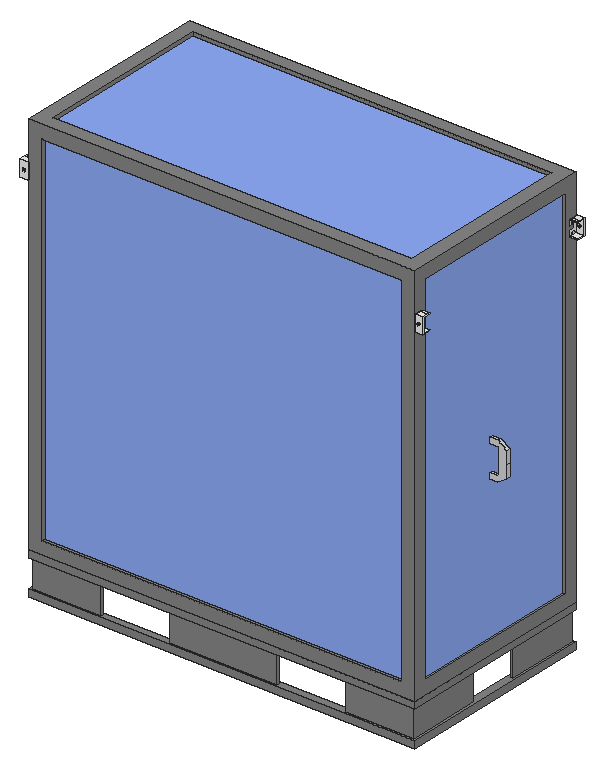
Revit family "14 .Секция смешения ANR S1", category Оборудование, Revit 2016
Family settings
  Тип детали = Нормальный
  Размер круглого соединителя = Использовать диаметр
  На основе рабочей плоскости = Нет
  Всегда вертикально = Да
  При загрузке вырезать с полостями = Нет
  Общий = Нет
  Точка расчета площади = Нет
Parameters (values of type "ANR 6 S1")
  Ширина = А - 75 mm  # 1025 mm
  Синий = Синий
  Середина = h + Б1 / 2  # 670 mm
  Д1 = Д - 20 mm  # 555 mm
  Д = 575 mm
  ножки(да/нет) [instance] = no
  Высота = Б - 75 mm  # 1025 mm
  Б1 = Б - 20 mm  # 1080 mm
  А1 = А - 20 mm  # 1080 mm
  А = 1100 mm
  высота ножек = 120 mm
  Б = 1100 mm
  Частотный преобразователь [instance] = no
  Частота вращения n, об/мин = ""
  Тип, марка, обозначение = "ANR 6 S1"
  Сила тока J, А = ""
  Регулятор расхода [instance] = no
  Раздел = "ОВ"
  Примечание = ""
  Позиция = ""
  Напряжение U,В = ""
  Наименование и тех.хар-ка = "Секция смешения"  # constant formula
  Мощность двигателя N,Вт = ""
  Материал = Сталь серая
  Масса единицы = ""
  Код, оборудования = ""
  Ключевая пометка = "Вентиляция"
  Задание электрикам [instance] = no
  Задание автоматчикам [instance] = no
  Завод изготовитель = "KORF"  # constant formula
  Единица измерения = "шт."  # constant formula
  h = высота ножек + 10 mm  # 130 mm
Types (10, lengths in mm): name | Ширина | Середина | Д1 | Д | Высота | Б1 | А1 | А | Б | Тип, марка, обозначение
  ANR 6 S1 | 1025 | 670 | 555 | 575 | 1025 | 1080 | 1080 | 1100 | 1100 | "ANR 6 S1"
  ANR 7 S1 | 1025 | 780 | 555 | 575 | 1245 | 1300 | 1080 | 1100 | 1320 | "ANR 7 S1"
  ANR 8 S1 | 1245 | 780 | 555 | 575 | 1245 | 1300 | 1300 | 1320 | 1320 | "ANR 8 S1"
  ANR 12 S1 | 1360 | 837.5 | 1080 | 1100 | 1360 | 1415 | 1415 | 1435 | 1435 | "ANR 12 S1"
  ANR 20 S1 | 1585 | 950 | 1080 | 1100 | 1585 | 1640 | 1640 | 1660 | 1660 | "ANR 20 S1"
  ANR 25 S1 | 1970 | 1142.5 | 1080 | 1100 | 1970 | 2025 | 2025 | 2045 | 2045 | "ANR 25 S1"
  ANR 30 S1 | 2410 | 1142.5 | 1080 | 1100 | 1970 | 2025 | 2465 | 2485 | 2045 | "ANR 30 S1"
  ANR 35 S1 | 2410 | 1362.5 | 1605 | 1625 | 2410 | 2465 | 2465 | 2485 | 2485 | "ANR 35 S1"
  ANR 40 S1 | 3245 | 1840 | 1605 | 1625 | 3365 | 3420 | 3300 | 3320 | 3440 | "ANR 40 S1"
  ANR 45 S1 | 3245 | 2225 | 1605 | 1625 | 4135 | 4190 | 3300 | 3320 | 4210 | "ANR 45 S1"
Reference planes
  plane 1 "По центру (Вперед/Назад)": y = 0
  plane 2: z = 0
  plane 3 "По центру (Влево/Вправо)": x = 0
  plane 4: x = -540
  plane 5: x = 540
  plane 6: y = 277.5
  plane 7: y = -277.5
  plane 8: z = 1210
  plane 9: z = 130
  plane 10: y = -70.418
  plane 11: z = 670
  plane 12: z = 1110
  plane 13: x = 574.5
  plane 14: x = 590
  plane 15: x = 724
  plane 16: y = 70.418
Forms (mm)
  Extrusion 1, solid, material "Синий" <- "Синий", detail levels fine
    sketch origin (0, 0, 50) x (1, 0, 0) y (0, 1, 0)
      loop
        line (-540, 277.5) -> (-540, -277.5) -> (540, -277.5) -> (540, 277.5) -> (-540, 277.5)
    from 80 to 1160
  Sweep 2, solid, material "Сталь серая" <- "Материал", detail levels fine
    path origin (540, -277.5, 50) x (-1, 0, 0) y (0, 0, -1)
      loop
        line (0, -1160) -> (1080, -1160) -> (1080, -80) -> (0, -80) -> (0, -1160)
    profile "Профиль уголок 10х10 : Профиль уголок 10х10" origin (0, -277.5, 1210) x (0, 0, -1) y (0, -1, 0)
      loop
        line (0, -27.5) -> (0, 0) -> (27.5, 0) -> (27.5, 10) -> (-10, 10) -> (-10, -27.5) -> (0, -27.5)
  Sweep 3, solid, material "Сталь серая" <- "Материал", detail levels fine
    path origin (-540, 277.5, 50) x (1, 0, 0) y (0, 0, -1)
      loop
        line (0, -1160) -> (1080, -1160) -> (1080, -80) -> (0, -80) -> (0, -1160)
    profile "Профиль уголок 10х10 : Профиль уголок 10х10" origin (0, 277.5, 1210) x (0, 0, -1) y (0, 1, 0)
      loop
        line (0, -27.5) -> (0, 0) -> (27.5, 0) -> (27.5, 10) -> (-10, 10) -> (-10, -27.5) -> (0, -27.5)
  Sweep 4, solid, material "Сталь серая" <- "Материал", detail levels fine
    path origin (540, 277.5, 50) x (0, -1, 0) y (0, 0, -1)
      loop
        line (0, -1160) -> (555, -1160) -> (555, -80) -> (0, -80) -> (0, -1160)
    profile "Профиль уголок 10х10 : Профиль уголок 10х10" origin (540, 0, 1210) x (0, 0, -1) y (1, 0, 0)
      loop
        line (0, -27.5) -> (0, 0) -> (27.5, 0) -> (27.5, 10) -> (-10, 10) -> (-10, -27.5) -> (0, -27.5)
  Sweep 5, solid, material "Сталь серая" <- "Материал", detail levels fine
    path origin (-540, -277.5, 50) x (0, 1, 0) y (0, 0, -1)
      loop
        line (0, -1160) -> (555, -1160) -> (555, -80) -> (0, -80) -> (0, -1160)
    profile "Профиль уголок 10х10 : Профиль уголок 10х10" origin (-540, 0, 1210) x (0, 0, -1) y (-1, 0, 0)
      loop
        line (0, -27.5) -> (0, 0) -> (27.5, 0) -> (27.5, 10) -> (-10, 10) -> (-10, -27.5) -> (0, -27.5)
  Extrusion 6, void, not visible
    sketch origin (-345, -245, 50) x (0, -1, 0) y (0, 0, -1)
      loop
        line (-477.965, -475) -> (-477.965, -450) -> (-528.913, -450) -> (-528.913, -475) -> (-477.965, -475)
    from -47.452 to 12
  Sweep 7, solid, material "Сталь серая" <- "Материал", detail levels fine
    path origin (0, 0, 0) x (1, 0, 0) y (0, 1, 0)
      loop
        line (-540, 277.5) -> (-540, -277.5) -> (540, -277.5) -> (540, 277.5) -> (-540, 277.5)
    profile "Семейство1 : Семейство1" origin (0, 277.5, 0) x (0, 1, 0) y (0, 0, 1)
      loop
        line (-10, 120) -> (-10, 100) -> (-3.38, 100) -> (-3.38, 20) -> (-10, 20) -> (-10, 0) -> (10, 0) -> (10, 20) -> (3.38, 20) -> (3.38, 100) -> (10, 100) -> (10, 120) -> (-10, 120)
  Extrusion 8, void
    sketch origin (0, 0, 0) x (1, 0, 0) y (0, 0, 1)
      loop
        line (152.369, 100) -> (152.369, 20) -> (348.798, 20) -> (348.798, 100) -> (152.369, 100)
      loop
        line (-152.369, 100) -> (-348.798, 100) -> (-348.798, 20) -> (-152.369, 20) -> (-152.369, 100)
    from -287.5 to 287.5
  Extrusion 9, void
    sketch origin (0, 0, 0) x (0, 1, 0) y (0, 0, 1)
      loop
        line (-70.418, 100) -> (-70.418, 20) -> (70.418, 20) -> (70.418, 100) -> (-70.418, 100)
    from -550 to 1700
Cuts and joins
  joined: Sweep 2, Sweep 3, Sweep 4, Sweep 5
  Extrusion 8, Extrusion 9 cuts Sweep 7
Lines and regions (mm)
  model lines, detail levels coarse
    curve 1: line (-550, 287.5, 0) -> (550, 287.5, 0)
    curve 2: line (-550, -287.5, 0) -> (-550, 287.5, 0)
    curve 3: line (550, -287.5, 0) -> (-550, -287.5, 0)
    curve 4: line (550, 287.5, 0) -> (550, -287.5, 0)
  model lines, detail levels medium
    curve 5: line (0, 287.5, 1220) -> (0, -287.5, 1220)
    curve 6: line (0, 287.5, 130) -> (0, 287.5, 1220)
    curve 7: line (0, -287.5, 130) -> (0, 287.5, 130)
    curve 8: line (0, -287.5, 1220) -> (0, -287.5, 130)
Dimensions and locks
  equal spacing: plane 6, plane 1 "По центру (Вперед/Назад)", plane 7
  "Д1": plane 6 to plane 7
  equal spacing: plane 4, plane 3 "По центру (Влево/Вправо)", plane 5
  "А1": plane 4 to plane 5
  "h": plane 9 to level
  "Б1": plane 8 to plane 9
  cut or joined group of Sweep 2, Sweep 3, Sweep 4, Sweep 5 to level = 120 mm
  locked: plane 3 "По центру (Влево/Вправо)" to cut or joined group of Sweep 7, Extrusion 8, Extrusion 9 at 152.369
  locked: cut or joined group of Sweep 7, Extrusion 8, Extrusion 9 to plane 3 "По центру (Влево/Вправо)" at 152.369
  "Середина": plane 11 to level
  locked: plane 8 to plane 12 at 100
  locked: plane 14 to plane 5 at 50
  plane 1 "По центру (Вперед/Назад)" to plane 7 = 277.5 mm
  plane 6 to plane 1 "По центру (Вперед/Назад)" = 277.5 mm
  locked: plane 15 to plane 5 at 184
  equal spacing: plane 10, plane 1 "По центру (Вперед/Назад)", plane 16, locked at 70.418 each
  aligned and locked: level to plane 2
  aligned and locked: plane 6 to Extrusion 1
  aligned and locked: plane 5 to Extrusion 1
  aligned and locked: Extrusion 1 to plane 7
  aligned and locked: Extrusion 1 to plane 4
  aligned and locked: plane 8 to Extrusion 1
  aligned and locked: Extrusion 1 to plane 9
  aligned and locked: Sweep 4 sketch curve to Extrusion 1  (x2)
  aligned and locked: Sweep 5 sketch curve to Extrusion 1  (x2)
  aligned and locked: Sweep 7 sketch curve to Extrusion 1  (x4)
  aligned and locked: Sweep 7 to Extrusion 8  (x2)
  aligned and locked: cut or joined group of Sweep 2, Sweep 3, Sweep 4, Sweep 5 to Extrusion 9
  aligned and locked: nested 3 to cut or joined group of Sweep 2, Sweep 3, Sweep 4, Sweep 5  (x2)
  aligned and locked: plane 12 to nested 3
  aligned and locked: nested 4 to plane 12
  aligned and locked: cut or joined group of Sweep 2, Sweep 3, Sweep 4, Sweep 5 to nested 4  (x2)
  aligned and locked: cut or joined group of Sweep 2, Sweep 3, Sweep 4, Sweep 5 to nested 3
  aligned and locked: cut or joined group of Sweep 2, Sweep 3, Sweep 4, Sweep 5 to nested 6
  aligned and locked: nested 5 to cut or joined group of Sweep 2, Sweep 3, Sweep 4, Sweep 5
  aligned and locked: plane 12 to nested 6
  aligned and locked: nested 5 to plane 12
  aligned and locked: nested 2 to plane 14
  aligned and locked: nested 6 to cut or joined group of Sweep 2, Sweep 3, Sweep 4, Sweep 5
  aligned and locked: cut or joined group of Sweep 2, Sweep 3, Sweep 4, Sweep 5 to nested 5
  aligned and locked: plane 1 "По центру (Вперед/Назад)" to nested 2
  aligned and locked: plane 10 to Extrusion 9 sketch curve
  aligned and locked: plane 16 to Extrusion 9 sketch curve
  aligned and locked: nested 2 to plane 11
  aligned and locked: curve 1 to cut or joined group of Sweep 2, Sweep 3, Sweep 4, Sweep 5
  aligned and locked: curve 2 to cut or joined group of Sweep 2, Sweep 3, Sweep 4, Sweep 5
  aligned and locked: curve 3 to cut or joined group of Sweep 2, Sweep 3, Sweep 4, Sweep 5
  aligned and locked: curve 4 to cut or joined group of Sweep 2, Sweep 3, Sweep 4, Sweep 5
  aligned and locked: curve 5 to cut or joined group of Sweep 2, Sweep 3, Sweep 4, Sweep 5
  aligned and locked: cut or joined group of Sweep 2, Sweep 3, Sweep 4, Sweep 5 to curve 6
  aligned and locked: curve 7 to plane 9
  aligned and locked: curve 8 to cut or joined group of Sweep 2, Sweep 3, Sweep 4, Sweep 5
Automatic sketch dimensions
  Extrusion 6 sketch curve to Extrusion 6 sketch curve = 50.949 mm
  Extrusion 6 sketch curve to Extrusion 6 sketch curve = 25 mm
  Extrusion 1 sketch curve to plane 4 = 0 mm
  Extrusion 1 sketch curve to plane 5 = 0 mm
  Extrusion 1 sketch curve to plane 7 = 0 mm
  Extrusion 1 sketch curve to plane 6 = 0 mm
  Sweep 2 sketch curve to Extrusion 1 = 0 mm  (x4)
  Sweep 3 sketch curve to Extrusion 1 = 0 mm  (x3)
  Extrusion 1 to Sweep 3 sketch curve = 0 mm
  Sweep 4 sketch curve to Extrusion 1 = 0 mm  (x2)
  Sweep 5 sketch curve to Extrusion 1 = 0 mm  (x2)
  Extrusion 8 sketch curve to plane 9 = 30 mm  (x2)
  plane 4 to Extrusion 8 sketch curve = 191.202 mm
  level to Extrusion 8 sketch curve = 20 mm  (x2)
  Extrusion 8 sketch curve to plane 3 "По центру (Влево/Вправо)" = 152.369 mm
  plane 3 "По центру (Влево/Вправо)" to Extrusion 8 sketch curve = 152.369 mm
  Extrusion 8 sketch curve to plane 5 = 191.202 mm
  level to Extrusion 9 sketch curve = 20 mm
  Extrusion 9 sketch curve to plane 9 = 30 mm
Nested families
  nested 1: "крепление 15мм" at (-330, 229.965, 495), type "крепление 15мм", not visible
  nested 2: "Ручка" at (552.018, -10, 621.108), type "Ручка", detail levels fine
  nested 3: "крепеж" at (574.5, -287.5, 1065.175) x (-1, 0, 0) z (0, 0, 1), type "крепеж", detail levels fine
  nested 4: "крепеж" at (574.5, 287.5, 1065.175) x (-1, 0, 0) z (0, 0, 1), type "крепеж", detail levels fine
  nested 5: "крепеж" at (-574.5, -287.5, 1065.175), type "крепеж", detail levels fine
  nested 6: "крепеж" at (-574.5, 287.5, 1065.175), type "крепеж", detail levels fine
Connectors
  hvac at (0, -287.5, 670), driven by "Высота", driven by "Ширина"
    settings: on cut or joined group of Sweep 2, Sweep 3, Sweep 4, Sweep 5, index 1, duct flow 0.0 L/s, flow factor 0, pres drop 0.0 Pa, loss coef 0, conn angle 0.00°, conn width 1025 mm, conn height 1025 mm, conn diameter 609.6 mm, duct sys type 28, conn prof type 1, flow config 0, flow direction 0, loss method 0, conn ref index -1, conn util no, is conn primary yes, conn desc ""
  hvac at (0, 287.5, 670), driven by "Высота", driven by "Ширина"
    settings: on cut or joined group of Sweep 2, Sweep 3, Sweep 4, Sweep 5, index 2, duct flow 0.0 L/s, flow factor 0, pres drop 0.0 Pa, loss coef 0, conn angle 0.00°, conn width 1025 mm, conn height 1025 mm, conn diameter 609.6 mm, duct sys type 28, conn prof type 1, flow config 0, flow direction 0, loss method 0, conn ref index -1, conn util no, is conn primary no, conn desc ""
Definition of nested family "крепление 15мм"
  Parameters (values of type "крепление 15мм")
    Материал крепления = none
  Reference planes
    plane 1 "По центру (Вперед/Назад)": y = 0
    plane 2: z = 0
    plane 3 "По центру (Влево/Вправо)": x = 0
  Forms (mm)
    Extrusion 1, solid, material <- "Материал крепления"
      sketch origin (0, 0, 0) x (1, 0, 0) y (0, 1, 0)
        loop
          line (-25, 0) -> (0, 0) -> (0, 18.31) -> (0, 25) -> (-3, 25) -> (-3, 3) -> (-25, 3) -> (-25, 0)
      from 0 to 30
    Extrusion 2, void
      sketch origin (0, 0, 0) x (1, 0, 0) y (0, 1, 0)
        loop
          line (-3, 3) -> (-3, 54.96) -> (-58, 54.96) -> (-58, 3) -> (-3, 3)
      from 0 to 15
  Cuts and joins
    Extrusion 2 cuts Extrusion 1
  Dimensions and locks
    Extrusion 1 sketch curve to Extrusion 1 sketch curve = 3 mm  (x2)
    Extrusion 1 sketch curve to Extrusion 1 sketch curve to plane 3 "По центру (Влево/Вправо)" = 25 mm, 0 mm
    Extrusion 1 sketch curve to Extrusion 1 sketch curve = 25 mm
    aligned and locked: level to plane 2
Definition of nested family "Ручка"
  Parameters (values of type "Ручка")
    материал ручки = none
  Reference planes
    plane 1 "По центру (Вперед/Назад)": y = 0
    plane 2: z = 0
    plane 3 "По центру (Влево/Вправо)": x = 0
    plane 4: x = -37.982
    plane 5: x = 37.982
  Forms (mm)
    Extrusion 1, solid, material <- "материал ручки", not visible
      sketch origin (-3.982, 0, -4.834) x (0, 0, 1) y (-1, 0, 0)
        loop
          line (-52.874, -42.815) -> (53.726, -42.815) -> (53.726, 8.783) -> (36.069, 34) -> (1.069, 34) -> (-36.069, 34) -> (-52.874, 10) -> (-52.874, -42.815)
      from 0 to 10
    Extrusion 2, void, not visible
      sketch origin (-3.982, 0, -4.834) x (0, 0, 1) y (-1, 0, 0)
        loop
          line (-37.219, -42.815) -> (37.781, -42.815) -> (37.781, 20.04) -> (-37.219, 20.04) -> (-37.219, -42.815)
      from 0 to 50
    Extrusion 3, solid, material <- "материал ручки"
      sketch origin (3.982, 0, -4.834) x (0, 0, 1) y (-1, 0, 0)
        loop
          line (-52.874, 42.815) -> (-52.874, -10) -> (-36.069, -34) -> (1.069, -34) -> (36.069, -34) -> (53.726, -8.783) -> (53.726, 42.815) -> (-52.874, 42.815)
      from 0 to 10
    Extrusion 4, void
      sketch origin (3.982, 0, -4.834) x (0, 0, 1) y (-1, 0, 0)
        loop
          line (-37.219, 42.815) -> (-37.219, -11.018) -> (37.781, -11.018) -> (37.781, 42.815) -> (-37.219, 42.815)
      from 0 to 50
  Cuts and joins
    Extrusion 4 cuts Extrusion 3
  Dimensions and locks
    aligned and locked: level to plane 2
Definition of nested family "крепеж"
  Parameters (values of type "крепеж")
    Материал крепежа = none
  Reference planes
    plane 1 "По центру (Вперед/Назад)": y = 0
    plane 2: z = 0
    plane 3 "По центру (Влево/Вправо)": x = 0
    plane 4: x = 24.5
    plane 5: z = 22.413
  Forms (mm)
    Extrusion 1, solid, material <- "Материал крепежа"
      sketch origin (0, 0, 0) x (0, 1, 0) y (0, 0, 1)
        loop
          line (0, 44.825) -> (-16.343, 44.825) -> (-24.468, 44.825) -> (-24.468, 42.95) -> (-1.968, 42.95) -> (-1.968, 1.657) -> (-24.468, 1.657) -> (-24.468, 0) -> (-16.343, 0) -> (0, 0) -> (0, 44.825)
      from 0 to 24.5
    Extrusion 2, void
      sketch origin (0.625, 0, -0.625) x (1, 0, 0) y (0, 0, 1)
        loop
          circle (11.121, 22.873) r 5
      from 0 to 250
    Extrusion 3, solid, material <- "Материал крепежа"
      sketch origin (0, 0, 0.175) x (1, 0, 0) y (0, 0, 1)
        loop
          line (24.5, 44.651) -> (22.651, 44.651) -> (22.651, -0.175) -> (24.5, -0.175) -> (24.5, 44.651)
      from 0 to 24.468
    Extrusion 4, void
      sketch origin (0, 0, 0) x (0, 1, 0) y (0, 0, 1)
        loop
          line (-24.468, 28.943) -> (-24.468, 15.882) -> (-9.468, 15.882) -> (-9.468, 28.943) -> (-24.468, 28.943)
      from 0 to 250
    Blend 5, solid
      base sketch origin (0, 0, 0) x (0, 1, 0) y (0, 0, 1)
        loop
          circle (-15.104, 36.823) r 4.161
      top sketch origin (0, 0, 0) x (0, 1, 0) y (0, 0, 1)
        loop
          circle (-15.104, 36.823) r 2.994
      from 22.651 to 19.241
    Blend 6, solid
      base sketch origin (0, 0, 44.825) x (0, 1, 0) y (0, 0, 1)
        loop
          circle (-15.104, -36.823) r 4.161
      top sketch origin (0, 0, 44.825) x (0, 1, 0) y (0, 0, 1)
        loop
          circle (-15.104, -36.823) r 2.994
      from 22.651 to 19.241
  Cuts and joins
    Extrusion 2, Extrusion 4 cuts Extrusion 1
    Extrusion 4 cuts Extrusion 3
    joined: Extrusion 1, Extrusion 3
  Dimensions and locks
    plane 3 "По центру (Влево/Вправо)" to plane 4 = 24.5 mm
    equal spacing: cut or joined group of Extrusion 1, Extrusion 2, Extrusion 3, Extrusion 4, plane 5, cut or joined group of Extrusion 1, Extrusion 2, Extrusion 3, Extrusion 4
    equal spacing: Extrusion 4 sketch curve, plane 5, Extrusion 4 sketch curve
    aligned and locked: level to plane 2
    aligned and locked: plane 4 to Extrusion 1
    aligned and locked: cut or joined group of Extrusion 1, Extrusion 2, Extrusion 3, Extrusion 4 to cut or joined group of Extrusion 1, Extrusion 2, Extrusion 3, Extrusion 4  (x3)
    aligned and locked: cut or joined group of Extrusion 1, Extrusion 2, Extrusion 3, Extrusion 4 to Blend 5
  Automatic sketch dimensions
    Extrusion 1 sketch curve to level = 0 mm
    Extrusion 1 sketch curve to plane 1 "По центру (Вперед/Назад)" = 0 mm
    plane 1 "По центру (Вперед/Назад)" to Extrusion 1 sketch curve = 1.968 mm
    Extrusion 1 sketch curve to Extrusion 1 sketch curve = 14.375 mm  (x2)
    level to Extrusion 1 sketch curve = 1.657 mm
    Extrusion 1 sketch curve to Extrusion 1 sketch curve = 8.125 mm  (x2)
    plane 5 to Extrusion 1 sketch curve = 20.538 mm
    Extrusion 1 sketch curve to Extrusion 1 sketch curve = 1.875 mm
    Extrusion 2 sketch curve to plane 5 = 0.165 mm
    plane 3 "По центру (Влево/Вправо)" to Extrusion 2 sketch curve = 11.746 mm
    Extrusion 3 sketch curve to level = 0 mm
    Extrusion 3 sketch curve to plane 4 = 0 mm
    Extrusion 3 sketch curve to Extrusion 3 sketch curve = 1.849 mm
    plane 5 to Extrusion 3 sketch curve = 22.413 mm
    Extrusion 4 sketch curve to plane 5 = 6.531 mm
    plane 1 "По центру (Вперед/Назад)" to Extrusion 4 sketch curve = 24.468 mm
    plane 1 "По центру (Вперед/Назад)" to Extrusion 4 sketch curve = 9.468 mm
    plane 1 "По центру (Вперед/Назад)" to Blend 5 sketch curve = 15.104 mm  (x2)
    plane 5 to Blend 5 sketch curve = 14.41 mm  (x2)
    Blend 6 sketch curve to plane 1 "По центру (Вперед/Назад)" = 15.104 mm  (x2)
    Blend 6 sketch curve to level = 8.002 mm  (x2)
    radius of Extrusion 2 sketch curve = 5 mm
    radius of Blend 5 sketch curve = 4.161 mm
    radius of Blend 5 sketch curve = 2.994 mm
    radius of Blend 6 sketch curve = 4.161 mm
    radius of Blend 6 sketch curve = 2.994 mm
